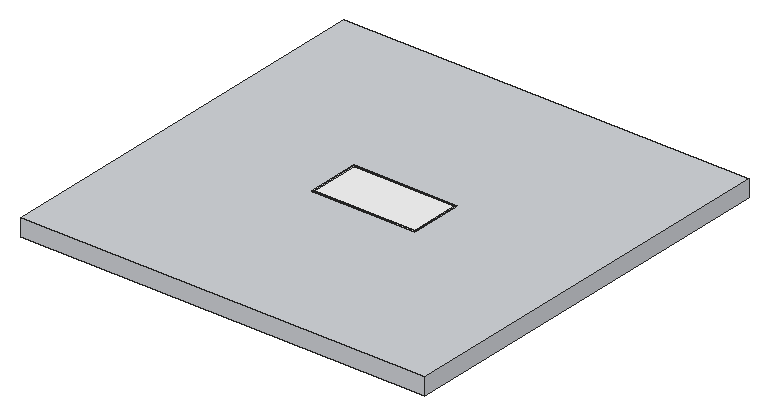
Revit family
Parameters (values of type "2"")
  WFU = 0
  URL = "WWW.MIFAB.COM"
  Pipe Radius = Pipe Diameter / 2  # 1.00"
  Pipe Diameter = 2.00"
  Model = "F1590"
  Manufacturer = "MIFAB"
  Grate Width = 12.50"
  Grate Length = 24.50"
  Floor Drain Material = Paint - Sherwin Williams Paint - #952C2A - Bellwood Red
  Description = "24\" x 24\" HEAVY DUTY AREA DRAIN WITH OFFSET BOTTOM OUTLET"
  Default Elevation = 0.00"
Types (5): name | Pipe Radius | Pipe Diameter
  (no name) | 1.00" | 2.00"
  2" | 1.00" | 2.00"
  3" | 1.50" | 3.00"
  4" | 2.00" | 4.00"
  6" | 2.75" | 5.50"
Reference planes (in)
  plane 1 "Center (Front/Back)": y = 0
  plane 2: z = 0
  plane 3 "Center (Left/Right)": x = 0
  plane 4: x = -12.25
  plane 5: x = 12.25
  plane 6: y = 6.25
  plane 7: y = -6.25
  plane 8: z = -2
  plane 9: z = -8
  plane 10: z = -10
  plane 11: through (-13.39086, -180, -3.16469) normal (0.7071, 0, 0.7071)
  plane 12: x = 11
  plane 13: x = 10
Forms (in)
  Extrusion 1, solid
    sketch origin (0, 0, 0) x (1, 0, 0) y (0, 1, 0)
      loop
        line (-48, 48) -> (-48, -48) -> (48, -48) -> (48, 48) -> (-48, 48)
    from 0 to -4
  Sweep 2, solid, material "Paint - Sherwin Williams Paint - #952C2A - Bellwood Red" <- "Floor Drain Material"
    path origin (0, 0, 0) x (1, 0, 0) y (0, 1, 0)
      loop
        line (-12.25, 6.25) -> (-12.25, -6.25) -> (12.25, -6.25) -> (12.25, 6.25) -> (-12.25, 6.25)
    profile origin (-12.25, 0, 0) x (-1, 0, 0) y (0, 0, 1)
      loop
        line (0, 0) -> (-0.25, 0) -> (-0.25, -8) -> (0, -8) -> (0, -2.25) -> (2, -2.25) -> (2, -2) -> (0, -2) -> (0, 0)
  Extrusion 3, void
    sketch origin (0, 0, 0) x (1, 0, 0) y (0, 0, 1)
      loop
        line (-12.25, -4.30555) -> (-12.25, -8) -> (-8.55555, -8) -> (-12.25, -4.30555)
    from -6.25 to 6.25
  Extrusion 4, solid, material "Paint - Sherwin Williams Paint - #952C2A - Bellwood Red" <- "Floor Drain Material"
    sketch origin (0, 0, 0) x (1, 0, 0) y (0, 0, 1)
      loop
        line (-12.25, -4.30555) -> (-8.55555, -8) -> (12, -8) -> (12, -7.75) -> (-8.452, -7.75) -> (-12.07322, -4.12877) -> (-12.25, -4.30555)
    from -6.25 to 6.25
  Extrusion 5, void
    sketch origin (0, 0, 0) x (1, 0, 0) y (0, 1, 0)
      loop
        circle (10, 0) r 1
    from -10 to -7.75
  Extrusion 6, solid, material "Paint - Sherwin Williams Paint - #952C2A - Bellwood Red" <- "Floor Drain Material"
    sketch origin (0, 0, 0) x (1, 0, 0) y (0, 1, 0)
      loop
        line (-12, 6) -> (-12, -6) -> (12, -6) -> (12, 6) -> (-12, 6)
    from -2 to 0
  Revolve 7, solid, material "Paint - Sherwin Williams Paint - #952C2A - Bellwood Red" <- "Floor Drain Material"
    sketch origin (0, 0, 0) x (1, 0, 0) y (0, 0, 1)
      loop
        line (11, -7.75) -> (11, -10) -> (11.25, -10) -> (11.25, -7.75) -> (11, -7.75)
      axis (10, -10) -> (10, -7.75)
    angle from 0 to 360
Cuts and joins
  Extrusion 3, Extrusion 5 cuts Sweep 2
  Extrusion 5 cuts Extrusion 4
  joined: Sweep 2, Extrusion 4, Revolve 7
Lines and regions (in)
  symbolic lines
    curve 1: line (-12.25, 6.25, 0) -> (12.25, 6.25, 0)
    curve 2: line (-12.25, -6.25, 0) -> (-12.25, 6.25, 0)
    curve 3: line (12.25, -6.25, 0) -> (-12.25, -6.25, 0)
    curve 4: line (12.25, 6.25, 0) -> (12.25, -6.25, 0)
    curve 5: line (-12, 6, 0) -> (12, 6, 0)
    curve 6: line (-12, -6.25, 0) -> (-12, 6, 0)
    curve 7: line (12, -6.25, 0) -> (-12, -6.25, 0)
    curve 8: line (12, 6, 0) -> (12, -6.25, 0)
Dimensions and locks (in)
  equal spacing: plane 7, plane 1 "Center (Front/Back)", plane 6
  "Grate Width": plane 6 to plane 7
  equal spacing: plane 4, plane 3 "Center (Left/Right)", plane 5
  "Grate Length": plane 4 to plane 5
  locked: Extrusion 1 to plane 8 at 2
  Sweep 2 sketch curve to Sweep 2 sketch curve = 0.25"  (x2)
  locked: plane 12 to plane 5 at 1.25
  "Pipe Radius": plane 13 to plane 12
  plane 5 to plane 12 = 1.25"
  locked: plane 10 to Extrusion 1 at 10
  locked: plane 9 to Extrusion 1 at 8
  locked: plane 12 to Revolve 7 sketch curve at 0.25
  "Pipe Radius": radius of Extrusion 5 sketch curve
  aligned and locked: plane 2 to Extrusion 1
  aligned and locked: level to Extrusion 1
  aligned and locked: Sweep 2 sketch curve to plane 6
  aligned and locked: plane 4 to Sweep 2 sketch curve
  aligned and locked: Sweep 2 sketch curve to plane 7
  aligned and locked: plane 5 to Sweep 2 sketch curve
  aligned and locked: Extrusion 1 to Sweep 2 sketch curve
  aligned and locked: Sweep 2 sketch curve to profile plane  (x2)
  aligned and locked: plane 8 to Sweep 2 sketch curve
  aligned and locked: plane 6 to Extrusion 3
  aligned and locked: plane 7 to Extrusion 3
  aligned and locked: plane 11 to Extrusion 3 sketch curve
  aligned and locked: Extrusion 3 sketch curve to Sweep 2
  aligned and locked: Extrusion 3 sketch curve to plane 4
  aligned and locked: plane 6 to Extrusion 4
  aligned and locked: plane 7 to Extrusion 4
  aligned and locked: plane 1 "Center (Front/Back)" to Extrusion 5 sketch curve
  aligned and locked: plane 13 to Extrusion 5 sketch curve
  aligned and locked: Extrusion 5 to plane 10
  aligned: cut or joined group of Sweep 2, Extrusion 3, Extrusion 4, Extrusion 5, Revolve 7 to Extrusion 5
  aligned: Sweep 2 to Extrusion 5
  aligned and locked: Extrusion 4 sketch curve to cut or joined group of Sweep 2, Extrusion 3, Extrusion 4, Extrusion 5, Revolve 7
  aligned and locked: Extrusion 6 sketch curve to cut or joined group of Sweep 2, Extrusion 3, Extrusion 4, Extrusion 5, Revolve 7  (x4)
  aligned and locked: Extrusion 6 to plane 8
  aligned and locked: level to Extrusion 6
  aligned and locked: Revolve 7 sketch curve to cut or joined group of Sweep 2, Extrusion 3, Extrusion 4, Extrusion 5, Revolve 7
  aligned and locked: Revolve 7 sketch curve to plane 10
  aligned and locked: plane 13 to Revolve 7 sketch curve
Automatic sketch dimensions
  Extrusion 1 sketch curve to Extrusion 1 sketch curve = 96.00"  (x2)
  Extrusion 4 sketch curve to plane 4 = 0.00"
  Extrusion 4 sketch curve to plane 9 = 0.00"
  Extrusion 4 sketch curve to plane 11 = 0.00"  (x2)
  plane 4 to Extrusion 4 sketch curve = 0.17678"
  Extrusion 4 sketch curve to Extrusion 4 sketch curve = 0.10355"
  Sweep 2 sketch curve to Sweep 2 sketch curve = 5.75"
  curve 3 to plane 4 = 0.00"
  plane 7 to curve 7 = 0.00"
  curve 1 to plane 5 = 0.00"
  plane 7 to curve 4 = 0.00"
  curve 2 to plane 6 = 0.00"
  plane 4 to curve 6 = 0.25"
  plane 5 to curve 5 = 0.25"
  curve 5 to plane 6 = 0.25"
  Sweep 2 sketch curve to profile plane = 2.00"
  Revolve 7 sketch curve to plane 12 = 0.00"
  Revolve 7 sketch curve to plane 10 = 1.25"
  Revolve 7 sketch curve to plane 9 = 0.50"
Connectors (in)
  piping at (10, 0, -10), driven by "Pipe Radius"
    settings: on cut or joined group of Sweep 2, Extrusion 3, Extrusion 4, Extrusion 5, Revolve 7, index 1, connector radius 1", flow factor 0, pipe flow 0 GPM, pressure drop 0.00 psi, fitting loss kfactor 0, connector angle 0.00°, fixture units 0, flow configuration 3, flow direction 2, fitting loss method 0, system type 16, connector reference index -1, connector utility 0, adjustable connector no, is connector primary yes, fitting loss table "", connector description "Sanitary Out"
